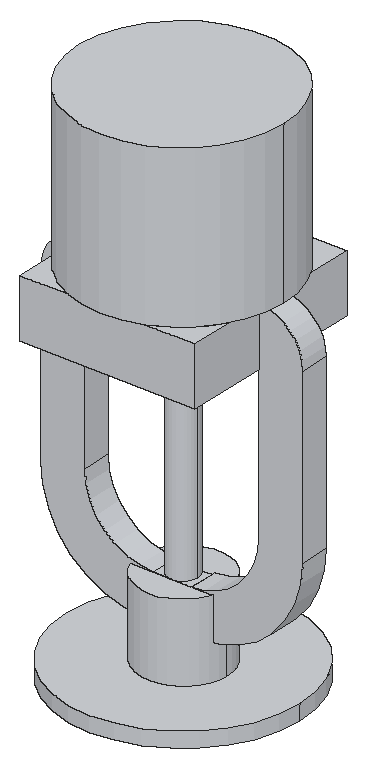
Revit family
Parameters (values of type "RASCO F1FR56-300 PENDENT")
  Temperature Rating = 200 °F
  Response = 1
  RASCO SIN # = "RA2614"
  RASCO Part # = "F1FR56P2C3"
  Pressure Rating = "300 PSI"
  Pressure Class = 1
  Orifice Size = 1/2"
  Orifice = (empty or 0)
  Model = "F1FR56-300"
  Manufacturer = "RASCO"
  K-Factor = 5.6
  Description = "Chrome Finish"
  Coverage = (empty or 0)
Reference planes (in)
  plane 1 "Center (Front/Back)": y = 0
  plane 2: z = 0
  plane 3 "Center (Left/Right)": x = 0
Dimensions and locks (in)
  aligned and locked: plane 2 to level
Nested families (in)
  nested 1: "F1FR56P2C3" at (-0.0113, 0, 2.4375) x (-1, 0, 0) z (0, 0, -1), type "RASCO F1FR56-300 PENDENT"
Connectors (in)
  piping at (-0.0113, 0, 2.4375)
    settings: on nested 1, index 1, connector radius 115/256", flow factor 0, pipe flow 0 GPM, pressure drop 0.00 psi, fitting loss kfactor 0, connector angle 0.00°, fixture units 0, flow configuration 0, flow direction 0, fitting loss method 0, system type 7, connector reference index -1, connector utility 0, adjustable connector no, is connector primary yes, fitting loss table "", connector description ""
Definition of nested family "F1FR56P2C3"
  Parameters (values of type "RASCO F1FR56-300 PENDENT")
    Type Comments = ""
    Temperature Rating = 0 °F
    Response = (empty or 0)
    Pressure Rating = "0"
    Pressure Class = (empty or 0)
    Orifice Size = 0"
    Orifice = (empty or 0)
    Model = ""
    Manufacturer = ""
    K-Factor = 0
    Description = ""
    Coverage = (empty or 0)
    Assembly Code = ""
  Reference planes (in)
    plane 1 "Center (Front/Back)": y = 0
    plane 2: z = 0
    plane 3 "ref.2": z = 0.6875
    plane 4 "ref.3": z = 0.9375
    plane 5: x = -0.38065
    plane 6: x = 0.36935
    plane 7 "ref. side 1": y = 0.06402
    plane 8 "ref. side 2": y = -0.06098
    plane 9 "ref.4": z = 1.875
    plane 10 "ref.5": z = 2.3125
    plane 11 "ref.6": z = 2.4375
  Forms (in)
    Extrusion 1, solid
      sketch origin (0, 0, 0) x (1, 0, 0) y (0, 1, 0)
        loop
          circle (0, 0) r 0.4379
      from 0 to 0.6875
    Extrusion 2, solid
      sketch origin (-0.12185, 0.05177, 0.6875) x (1, 0, 0) y (0, 1, 0)
        loop
          line (-0.2588, 0.356) -> (-0.2588, -0.4565) -> (0.4912, -0.4565) -> (0.4912, 0.356) -> (-0.2588, 0.356)
      from 0 to 0.25
    Extrusion 3, solid
      sketch origin (0, 0, 0) x (1, 0, 0) y (0, 0, 1)
        loop
          line (-0.38065, 0.68754) -> (-0.38065, 1.58397)
          arc (-0.38065, 1.58397) -> (-0.29541, 1.78976) -> (-0.08962, 1.875) r 0.29103
          line (-0.08962, 1.875) -> (0.07524, 1.875)
          arc (0.07524, 1.875) -> (0.28321, 1.78886) -> (0.36935, 1.58089) r 0.29411
          line (0.36935, 1.58089) -> (0.36935, 0.68751)
          arc (0.36935, 0.68751) -> (0.50207, 0.74393) -> (0.55685, 0.87734) r 0.18984
          line (0.55685, 0.87734) -> (0.55685, 1.61676)
          arc (0.55685, 1.61676) -> (0.42629, 1.93194) -> (0.11111, 2.0625) r 0.44574
          line (0.11111, 2.0625) -> (-0.12259, 2.0625)
          arc (-0.12259, 2.0625) -> (-0.43765, 1.932) -> (-0.56815, 1.61694) r 0.44556
          line (-0.56815, 1.61694) -> (-0.56815, 0.87876)
          arc (-0.56815, 0.87876) -> (-0.51345, 0.74486) -> (-0.38065, 0.68754) r 0.19126
      from -0.06402 to 0.06098
    Extrusion 4, solid
      sketch origin (0, 0, 0.9375) x (-1, 0, 0) y (0, -1, 0)
        loop
          circle (0.00574, -0.00152) r 0.0625
      from 0 to 0.9375
    Extrusion 5, solid
      sketch origin (0, 0, 1.875) x (-1, 0, 0) y (0, -1, 0)
        loop
          circle (0.00574, -0.00152) r 0.1875
      from 0 to 0.4375
    Extrusion 6, solid
      sketch origin (0, 0, 2.3125) x (0, -1, 0) y (1, 0, 0)
        loop
          circle (-0.00152, -0.00574) r 0.5
      from -0.10531 to -0.03987
  Cuts and joins
    joined: Extrusion 1, Extrusion 2, Extrusion 4
  Lines and regions (in)
    model lines
      curve 1: line (-0.00574, 0.06402, 1.875) -> (-0.00574, -0.06098, 1.875)
